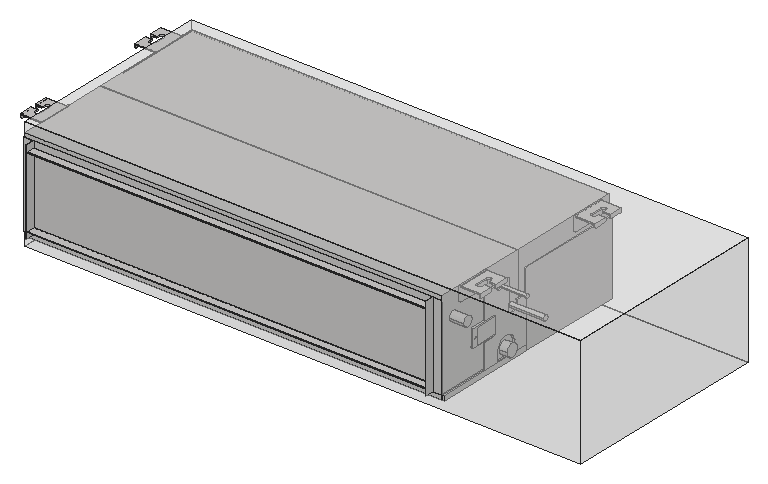
Revit family "outputfile", category 機械設備, Revit 2024
Family settings
  丸型コネクタ寸法 = 半径を使用
  パーツ タイプ = 標準
  OmniClass 番号 = 23.75.10.24.21.27.27
  OmniClass タイトル = Split System Air Conditioning Units
  作業面ベース = いいえ
  常に垂直 = はい
  ロード時にボイドで切り取り = いいえ
  注釈の向きを維持 = いいえ
  共有 = いいえ
  部屋計算ポイント = はい
Parameters (values of type "FDYBA35AV1")
  Description = ""
  書き出し IFC クラス(タイプ) = "IfcUnitaryEquipmentType"
  定義済み IFC タイプ(タイプ) = "AIRCONDITIONINGUNIT"
  Cost = 0
  Type Comments = ""
  Keynote = ""
  Type Image = (empty or 0)
  Assembly Code = ""
  switch_frequency = yes
  lw_socket for drain = 19.0 mm
  lw_liquidpipe = 64.0 mm
  lw_gaspipe = 76.0 mm
  lw_drainpipe = 33.0 mm
  lh_socket for drain = 170.0 mm
  ld_socket for drain = 165.0 mm
  製造元 = "Daikin"
  モデル = "FDYBA35AV1"
  r_Liquid Pipe Size = Liquid Pipe Size / 2  # 3.2 mm
  r_Gas Pipe Size = Gas Pipe Size / 2  # 4.75 mm
  r_Drain Pipe Size = Drain Pipe Size / 2  # 10.0 mm
  lw_powersuply = 65.0 mm  # constant formula
  lh_suctionflange [instance] = [h***] + 100.5 mm  # 100.5 mm
  lh_mounting = lh_mountinghole + [h***]  # 200.0 mm
  ld_suctionflange [instance] = if(and(Rear Connection_Return Air, Width = 700.0 mm), 94.5 mm, if(and(Rear Connection_Return Air, Width = 900.0 mm), 94.0 mm, if(and(Rear Connection_Return Air, Width = 1100.0 mm), 94.0 mm, 100.5 mm)))  # 94.0 mm
  ld_powersuply = 410.0 mm  # constant formula
  ld_mountinghole_Back = 165.0 mm
  ld_mountinghole_Front = 144.0 mm
  ld_RA_below = if(Width = 700.0 mm, 189.0 mm, 188.0 mm)  # 188.0 mm
  ld_RA = if(Width = 700.0 mm, 94.5 mm, 94.0 mm)  # 94.0 mm
  connector_voltage = Voltage_50Hz  # 230 V
  connector_powerinput = if([Power Input (Cooling)] > [Power Input (Heating)], [Power Input (Cooling)], [Power Input (Heating)])  # 0.000 kW
  connector_phase = Phase_50Hz  # 1
  angle_vertical_RA [instance] = if(Rear Connection_Return Air, 90.00°, 0.00°)  # 90.00°
  angle horizontal_RA [instance] = if(Rear Connection_Return Air, 180.00°, 270.00°)  # 180.00°
  Voltage_comment_50Hz = "220 - 240"
  Voltage_50Hz = 230 V
  URL = ""
  Supply Air Direction [instance] = yes
  Sound Power Level_H speed (dB) = 0
  Rear Connection_Return Air [instance] = not(Bottom Connection_Return Air)  # yes
  Phase_50Hz = 1
  Minimum External Static Pressure = 10.00 Pa
  Minimum Circuit Amps_50Hz = 0.0 A
  Maximum Fuse Amps_50Hz = 0.0 A
  Maximum External Static Pressure = 50.00 Pa
  Material_Casing = DAIKIN_GalvanizedSteel_Casing_indoorunit
  ld_liquidpipe = 150.0 mm
  ld_gaspipe = 184.0 mm  # constant formula
  lw_mountinghole = Width + 52.0 mm  # 952.0 mm
  ld_drainpipe = 28.0 mm  # constant formula
  lh_liquidpipe = 43.0 mm
  lh_gaspipe = 96.0 mm
  lh_mountinghole = 200.0 mm  # constant formula
  lh_drainpipe = 49.0 mm
  h_antenna = Height - lh_mountinghole + 1.0 mm  # 1.0 mm
  h*** = 0.0 mm  # constant formula
  Width = 900.0 mm
  Version = "ver.1.0"
  Unit Type = "DAS Duct (Demand Response)"
  Unit Mass Weight = 21.00 kg
  Unit Designation [instance] = ""
  Uniclass2015Version = "Products v1.30"
  Uniclass2015Title = "Split coil room air conditioning units"
  Uniclass2015Code = "Pr_70_65_03_86"
  Total Heating Capacity [instance] = 0.000 kW
  Total Cooling Capacity [instance] = 0.000 kW
  Sound Pressure Level_M speed (dBA) = 0
  Sound Pressure Level_L speed (dBA) = 26.2
  Sound Pressure Level_H speed (dBA) = 43.1
  Series = "SkyAir_Fan Coil Unit"
  Sensible Cooling Capacity [instance] = 0.000 kW
  SA Duct Size Width = 860.0 mm
  SA Duct Size Height = 153.0 mm
  Refrigerant Type = "R32"
  RA Duct Size Width = 775.0 mm
  RA Duct Size Height = 163.0 mm
  Power Input (Heating) = 0.000 kW
  Power Input (Cooling) = 0.000 kW
  Option Accessory 3 [instance] = ""
  Option Accessory 2 [instance] = ""
  Option Accessory 1 [instance] = ""
  Nominal Heating Capacity = 4.000 kW
  Nominal Cooling Capacity = 3.390 kW
  Minimum Airflow = 342.00 m³/h
  Median Airflow = 546.00 m³/h
  Maximum Airflow = 702.00 m³/h
  Load Classification = HVAC
  Liquid Pipe Size = 6.4 mm
  Link_Nested Family [instance] = ""
  IfcVersion = ""
  IfcExportType = "AIRCONDITIONINGUNIT"
  IfcExportAs = "IfcUnitaryEquipmentType"
  Height = 200.0 mm
  Heating Entering Wet Bulb Temperature [instance] = 0.00 °C
  Heating Entering Dry Bulb Temperature [instance] = 0.00 °C
  Heating Ambient Wet Bulb Temperature [instance] = 0.00 °C
  Heating Ambient Dry Bulb Temperature [instance] = 0.00 °C
  Heat Exchanger Type = "Cross Fin Coil"
  Gas Pipe Size = 9.5 mm
  Frequency_50Hz = 50 Hz
  Fan Type = "Sirocco Fan"
  Fan Drive = "Direct Drive"
  FCU Tag No. [instance] = ""
  Drain Pipe Size = 20.0 mm
  Design Supply Airflow [instance] = 0.00 m³/h
  Design Return Airflow [instance] = 0.00 m³/h
  Design External Static Pressure [instance] = 0.00 Pa
  Depth = 450.0 mm
  既定の高さ = 0.0 mm
  Cooling Entering Wet Bulb Temperature [instance] = 0.00 °C
  Cooling Entering Dry Bulb Temperature [instance] = 0.00 °C
  Cooling Ambient Wet Bulb Temperature [instance] = 0.00 °C
  Cooling Ambient Dry Bulb Temperature [instance] = 0.00 °C
  Clearance visibility [instance] = yes
  Clearance Top = 20.0 mm
  Clearance Right = 300.0 mm
  Clearance Rear = 0.0 mm
  Clearance Left = 0.0 mm
  Clearance Front = 0.0 mm
  Clearance Bottom = 20.0 mm
  Bottom Connection_Return Air [instance] = no
Reference planes
  plane 1 "Center (Front/Back)": y = 0
  plane 2 "Bottom": z = -200
  plane 3 "Center (Left/Right)": x = 0
  plane 4 "Back": y = 225
  plane 5 "Front": y = -225
  plane 6 "Left": x = -450
  plane 7 "Right": x = 450
  plane 8 "Top": z = 0
  plane 9 "BB": y = -20
  plane 10 "condensate water pan": z = -190
  plane 11 "Below": z = -200
  plane 12 "Other components Right": x = 455
  plane 13 "Other components Left": x = 445
  plane 14 "lh_drainpipe": z = -49
  plane 15 "ld_drainpipe": y = -197
  plane 16 "drainpipe": x = 483
  plane 17 "lh_liquidpipe": z = -43
  plane 18 "ld_liquidpipe": y = -75
  plane 19 "ld_gaspipe": y = -41
  plane 20 "lh_gaspipe": z = -96
  plane 21: x = 514
  plane 22: x = 526
  plane 23: x = 469
  plane 24 "w_mountinghole_Left": x = -476
  plane 25 "w_mountinghole_Right": x = 476
  plane 26 "d_mountinghole_Back": y = 165
  plane 27 "d_mountinghole_Front": y = -144
  plane 28 "h_mountinghole": z = 0
  plane 29 "lw_powersuply": x = 385
  plane 30 "ld_powersuply": y = 185
  plane 31 "Clearance Left": x = -450
  plane 32 "Clearance Right": x = 750
  plane 33 "Clearance Rear": y = 225
  plane 34 "Clearance Front": y = -225
  plane 35 "Clearance Bottom": z = -220
  plane 36 "Clearance Top": z = 20
  plane 37 "RA": y = 224
  plane 38: z = -199
  plane 39 "RA_d": y = 131
  plane 40 "RA_w": x = -51.5
  plane 41 "RA_h": z = -99.5
  plane 42 "SA_h": z = -99
  plane 43 "RA_dd": y = 37
  plane 44: y = -60
  plane 45: z = -170
Forms (mm)
  Extrusion 1, solid, material "DAIKIN_GalvanizedSteel_Casing_indoorunit" <- "Material_Casing"
    sketch origin (0, 0, 100) x (0, 1, 0) y (0, 0, 1)
      loop
        line (-20, -100) -> (-20, -300) -> (225, -300) -> (225, -100) -> (-20, -100)
    from -450 to 450
  Extrusion 2, solid, material "DAIKIN_GalvanizedSteel_Casing_indoorunit" <- "Material_Casing"
    sketch origin (0, 0, 100) x (0, 1, 0) y (0, 0, 1)
      loop
        line (-225, -100) -> (-225, -290) -> (-20, -290) -> (-20, -100) -> (-225, -100)
    from -450 to 450
  Extrusion 3, solid, material "DAIKIN_GalvanizedSteel_Casing_indoorunit" <- "Material_Casing"
    sketch origin (0, 0, 100) x (0, 1, 0) y (0, 0, 1)
      loop
        line (-225, -290) -> (-225, -300) -> (-20, -300) -> (-20, -290) -> (-225, -290)
    from -450 to 450
  Extrusion 4, solid, material "DAIKIN_GalvanizedSteel_Casing_indoorunit" <- "Material_Casing"
    sketch origin (0, 0, 0) x (0, 1, 0) y (0, 0, 1)
      loop
        arc (-2, -40) -> (-4.121, -40.879) -> (-5, -43) r 3
        line (-5, -43) -> (-5, -197)
        arc (-5, -197) -> (-4.121, -199.121) -> (-2, -200) r 3
        line (-2, -200) -> (225, -200) -> (225, -40) -> (-2, -40)
    from 450 to 455
  Extrusion 5, solid, material "DAIKIN_GalvanizedSteel_Casing_indoorunit" <- "Material_Casing"
    sketch origin (620, 0, 0) x (0, 1, 0) y (0, 0, 1)
      loop
        line (-225, -190) -> (-225, -200) -> (-5, -200) -> (-5, -193)
        arc (-5, -193) -> (-5.879, -190.879) -> (-8, -190) r 3
        line (-8, -190) -> (-225, -190)
    from -170 to -165
  Extrusion 6, void
    sketch origin (0, 0, 0) x (0, 1, 0) y (0, 0, 1)
      loop
        arc (-145.64, -94.17) -> (-147.761, -95.049) -> (-148.64, -97.17) r 3
        line (-148.64, -97.17) -> (-148.64, -131.17)
        arc (-148.64, -131.17) -> (-147.761, -133.291) -> (-145.64, -134.17) r 3
        line (-145.64, -134.17) -> (-91.78, -134.17)
        arc (-91.78, -134.17) -> (-89.659, -133.291) -> (-88.78, -131.17) r 3
        line (-88.78, -131.17) -> (-88.78, -97.17)
        arc (-88.78, -97.17) -> (-89.659, -95.049) -> (-91.78, -94.17) r 3
        line (-91.78, -94.17) -> (-145.64, -94.17)
    from 445 to 455
  Extrusion 7, solid, material "DAIKIN_GalvanizedSteel_Casing_indoorunit" <- "Material_Casing"
    sketch origin (0, 0, 0) x (0, 1, 0) y (0, 0, 1)
      loop
        line (-91.78, -95.17) -> (-145.64, -95.17)
        arc (-145.64, -95.17) -> (-147.054, -95.756) -> (-147.64, -97.17) r 2
        line (-147.64, -97.17) -> (-147.64, -131.17)
        arc (-147.64, -131.17) -> (-147.054, -132.584) -> (-145.64, -133.17) r 2
        line (-145.64, -133.17) -> (-91.78, -133.17)
        arc (-91.78, -133.17) -> (-90.366, -132.584) -> (-89.78, -131.17) r 2
        line (-89.78, -131.17) -> (-89.78, -97.17)
        arc (-89.78, -97.17) -> (-90.366, -95.756) -> (-91.78, -95.17) r 2
    from 445 to 455
  Extrusion 8, solid, material "DAIKIN_GalvanizedSteel_Casing_indoorunit" <- "Material_Casing"
    sketch origin (0, 0, 0) x (0, 1, 0) y (0, 0, 1)
      loop
        line (-89.78, -97.67) -> (-136.14, -97.67) -> (-136.14, -130.67) -> (-89.78, -130.67) -> (-89.78, -97.67)
      loop
        circle (-142.64, -114.17) r 1.5
    from 450 to 455
  Extrusion 9, solid, material "DAIKIN_GalvanizedSteel_Casing_indoorunit" <- "Material_Casing"
    sketch origin (0, 0, 0) x (0, 1, 0) y (0, 0, 1)
      loop
        circle (-197, -49) r 10
    from 450 to 483
  Extrusion 10, solid, material "DAIKIN_GalvanizedSteel_Casing_indoorunit" <- "Material_Casing"
    sketch origin (0, 0, 0) x (0, 1, 0) y (0, 0, 1)
      loop
        circle (-75, -43) r 3.2
    from 450 to 514
  Extrusion 11, solid, material "DAIKIN_GalvanizedSteel_Casing_indoorunit" <- "Material_Casing"
    sketch origin (0, 0, 0) x (0, 1, 0) y (0, 0, 1)
      loop
        circle (-41, -96) r 4.75
    from 450 to 526
  Extrusion 12, solid, material "DAIKIN_GalvanizedSteel_Casing_indoorunit" <- "Material_Casing"
    sketch origin (0, 0, 0) x (0, 1, 0) y (0, 0, 1)
      loop
        circle (-60, -170) r 13
    from 450 to 469
  Extrusion 13, void
    sketch origin (0, 0, 0) x (1, 0, 0) y (0, 0, 1)
      loop
        line (346, -1) -> (-449, -1) -> (-449, -200) -> (346, -200) -> (346, -1)
    from -225 to -37
  Extrusion 14, solid, material "DAIKIN_GalvanizedSteel_Casing_indoorunit" <- "Material_Casing", visible <- "Bottom Connection_Return Air"
    sketch origin (0, 0, 0) x (1, 0, 0) y (0, 0, 1)
      loop
        line (346, -1) -> (-449, -1) -> (-449, -200) -> (346, -200) -> (346, -1)
    from -225 to -224
  Extrusion 15, solid, material "DAIKIN_GalvanizedSteel_Casing_indoorunit" <- "Material_Casing", visible <- "Rear Connection_Return Air"
    sketch origin (0, 0, 0) x (1, 0, 0) y (0, 1, 0)
      loop
        line (-449, 37) -> (346, 37) -> (346, 225) -> (-449, 225) -> (-449, 37)
    from -200 to -199
  Extrusion 16, solid, material "DAIKIN_GalvanizedSteel_Casing_indoorunit" <- "Material_Casing"
    sketch origin (450, 0, 0) x (0, 1, 0) y (0, 0, 1)
      loop
        line (-115, -39) -> (-115, -94.17) -> (-90.78, -94.17)
        arc (-90.78, -94.17) -> (-88.659, -95.049) -> (-87.78, -97.17) r 3
        line (-87.78, -97.17) -> (-87.78, -133.17)
        arc (-87.78, -133.17) -> (-88.659, -135.291) -> (-90.78, -136.17) r 3
        line (-90.78, -136.17) -> (-116, -136.17) -> (-116, -190) -> (-84, -190) -> (-84, -170)
        arc (-84, -170) -> (-60, -146) -> (-36, -170) r 24
        line (-36, -170) -> (-36, -190) -> (-5, -190) -> (-5, -91) -> (-27.696, -91)
        arc (-27.696, -91) -> (-43.308, -110.024) -> (-52, -87) r 14.213
        line (-52, -87) -> (-52, -39) -> (-65.835, -39)
        arc (-65.835, -39) -> (-75, -53) -> (-84.165, -39) r 10
        line (-84.165, -39) -> (-115, -39)
    from 0 to 5
Cuts and joins
  Extrusion 6 cuts Extrusion 2
  Extrusion 13 cuts Extrusion 1
Dimensions and locks
  equal spacing: plane 4 "Back", plane 1 "Center (Front/Back)", plane 5 "Front"
  "Depth": plane 4 "Back" to plane 5 "Front"
  equal spacing: plane 6 "Left", plane 3 "Center (Left/Right)", plane 7 "Right"
  "Width": plane 6 "Left" to plane 7 "Right"
  locked: plane 1 "Center (Front/Back)" to plane 9 "BB" at 20
  "h***": plane 11 "Below" to plane 2 "Bottom"
  locked: plane 10 "condensate water pan" to plane 11 "Below" at 10
  "Height": plane 8 "Top" to plane 11 "Below"
  locked: Extrusion 4 sketch curve to plane 4 "Back" at 230
  locked: Extrusion 4 sketch curve to plane 11 "Below" at 160
  locked: plane 7 "Right" to plane 12 "Other components Right" at 5
  locked: plane 13 "Other components Left" to plane 7 "Right" at 5
  "ld_drainpipe": plane 15 "ld_drainpipe" to plane 5 "Front"
  "lw_drainpipe": plane 7 "Right" to plane 16 "drainpipe"
  "ld_liquidpipe": plane 18 "ld_liquidpipe" to plane 5 "Front"
  "ld_gaspipe": plane 19 "ld_gaspipe" to plane 5 "Front"
  "lw_liquidpipe": plane 7 "Right" to plane 21
  "lw_gaspipe": plane 7 "Right" to plane 22
  "lw_socket for drain": plane 7 "Right" to plane 23
  equal spacing: plane 24 "w_mountinghole_Left", plane 3 "Center (Left/Right)", plane 25 "w_mountinghole_Right"
  "lw_mountinghole": plane 24 "w_mountinghole_Left" to plane 25 "w_mountinghole_Right"
  plane 26 "d_mountinghole_Back" to plane 27 "d_mountinghole_Front" = 309.0 mm
  "lh_mountinghole": plane 28 "h_mountinghole" to plane 11 "Below"
  "lw_powersuply": plane 29 "lw_powersuply" to plane 7 "Right"
  "ld_powersuply": plane 5 "Front" to plane 30 "ld_powersuply"
  "Clearance Rear": plane 33 "Clearance Rear" to plane 4 "Back"
  "Clearance Front": plane 5 "Front" to plane 34 "Clearance Front"
  "Clearance Bottom": plane 11 "Below" to plane 35 "Clearance Bottom"
  "Clearance Top": plane 36 "Clearance Top" to plane 8 "Top"
  "Clearance Left": plane 31 "Clearance Left" to plane 6 "Left"
  "Clearance Right": plane 7 "Right" to plane 32 "Clearance Right"
  locked: cut or joined group of Extrusion 1, Extrusion 13 to plane 6 "Left" at 1
  locked: plane 7 "Right" to cut or joined group of Extrusion 1, Extrusion 13 at 104
  locked: plane 4 "Back" to plane 37 "RA" at 1
  locked: plane 6 "Left" to Extrusion 15 sketch curve at 1
  locked: Extrusion 15 sketch curve to plane 7 "Right" at 104
  locked: plane 38 to plane 11 "Below" at 1
  locked: plane 40 "RA_w" to plane 3 "Center (Left/Right)" at 51.5
  "ld_RA": plane 39 "RA_d" to plane 4 "Back"
  locked: plane 11 "Below" to plane 41 "RA_h" at 100.5
  locked: plane 11 "Below" to plane 42 "SA_h" at 101
  "ld_mountinghole_Back": plane 26 "d_mountinghole_Back" to plane 1 "Center (Front/Back)"
  "ld_mountinghole_Front": plane 27 "d_mountinghole_Front" to plane 1 "Center (Front/Back)"
  "ld_RA_below": plane 4 "Back" to plane 43 "RA_dd"
  plane 27 "d_mountinghole_Front" to plane 5 "Front" = 81.0 mm
  "lh_drainpipe": plane 8 "Top" to plane 14 "lh_drainpipe"
  "lh_liquidpipe": plane 8 "Top" to plane 17 "lh_liquidpipe"
  "lh_gaspipe": plane 8 "Top" to plane 20 "lh_gaspipe"
  "ld_socket for drain": plane 44 to plane 5 "Front"
  "lh_socket for drain": plane 8 "Top" to plane 45
  locked: Extrusion 16 sketch curve to Extrusion 16 sketch curve at 111
  locked: Extrusion 16 sketch curve to Extrusion 16 sketch curve at 151
  "r_Liquid Pipe Size": radius of Extrusion 10 sketch curve
  "r_Gas Pipe Size": radius of Extrusion 11 sketch curve
  "r_Drain Pipe Size": radius of Extrusion 9 sketch curve
  aligned and locked: Extrusion 1 sketch curve to plane 8 "Top"
  aligned and locked: plane 9 "BB" to Extrusion 1 sketch curve
  aligned and locked: Extrusion 1 sketch curve to plane 4 "Back"
  aligned and locked: Extrusion 2 sketch curve to plane 9 "BB"
  aligned and locked: Extrusion 2 sketch curve to plane 8 "Top"
  aligned and locked: plane 5 "Front" to Extrusion 2 sketch curve
  aligned and locked: Extrusion 1 to plane 6 "Left"
  aligned and locked: plane 7 "Right" to Extrusion 1
  aligned and locked: Extrusion 2 to plane 6 "Left"
  aligned and locked: plane 7 "Right" to Extrusion 2
  aligned and locked: plane 10 "condensate water pan" to Extrusion 2 sketch curve
  aligned and locked: Extrusion 3 sketch curve to plane 10 "condensate water pan"
  aligned and locked: plane 5 "Front" to Extrusion 3 sketch curve
  aligned and locked: Extrusion 3 sketch curve to plane 9 "BB"
  aligned and locked: Extrusion 3 to plane 6 "Left"
  aligned and locked: plane 7 "Right" to Extrusion 3
  aligned and locked: plane 11 "Below" to Extrusion 3
  aligned and locked: Extrusion 1 to plane 11 "Below"
  aligned and locked: plane 11 "Below" to Extrusion 4 sketch curve
  aligned and locked: Extrusion 4 sketch curve to plane 4 "Back"
  aligned and locked: Extrusion 4 to plane 7 "Right"
  aligned and locked: plane 12 "Other components Right" to Extrusion 4
  aligned and locked: Extrusion 5 sketch curve to plane 10 "condensate water pan"
  aligned and locked: plane 5 "Front" to Extrusion 5 sketch curve
  aligned and locked: plane 11 "Below" to Extrusion 5 sketch curve
  aligned and locked: Extrusion 5 to plane 7 "Right"
  aligned and locked: plane 12 "Other components Right" to Extrusion 5
  aligned and locked: Extrusion 6 to plane 13 "Other components Left"
  aligned and locked: plane 12 "Other components Right" to Extrusion 6
  aligned and locked: Extrusion 8 to plane 7 "Right"
  aligned and locked: Extrusion 7 to plane 13 "Other components Left"
  aligned and locked: plane 16 "drainpipe" to Extrusion 9
  aligned and locked: Extrusion 9 to plane 7 "Right"
  aligned and locked: plane 12 "Other components Right" to Extrusion 7
  aligned and locked: plane 12 "Other components Right" to Extrusion 8
  aligned and locked: Extrusion 10 to plane 7 "Right"
  aligned and locked: plane 21 to Extrusion 10
  aligned and locked: plane 19 "ld_gaspipe" to Extrusion 11 sketch curve
  aligned and locked: plane 20 "lh_gaspipe" to Extrusion 11 sketch curve
  aligned and locked: plane 18 "ld_liquidpipe" to Extrusion 10 sketch curve
  aligned and locked: plane 17 "lh_liquidpipe" to Extrusion 10 sketch curve
  aligned and locked: plane 14 "lh_drainpipe" to Extrusion 9 sketch curve
  aligned and locked: plane 15 "ld_drainpipe" to Extrusion 9 sketch curve
  aligned and locked: Extrusion 11 to plane 7 "Right"
  aligned and locked: plane 22 to Extrusion 11
  aligned and locked: Extrusion 12 to plane 7 "Right"
  aligned and locked: plane 23 to Extrusion 12
  aligned and locked: plane 25 "w_mountinghole_Right" to nested 2
  aligned and locked: nested 2 to plane 26 "d_mountinghole_Back"
  aligned and locked: plane 28 "h_mountinghole" to nested 2
  aligned and locked: plane 27 "d_mountinghole_Front" to nested 3
  aligned and locked: plane 25 "w_mountinghole_Right" to nested 3
  aligned and locked: plane 24 "w_mountinghole_Left" to nested 4
  aligned and locked: plane 26 "d_mountinghole_Back" to nested 4
  aligned and locked: plane 24 "w_mountinghole_Left" to nested 5
  aligned and locked: nested 5 to plane 27 "d_mountinghole_Front"
  aligned and locked: plane 28 "h_mountinghole" to nested 4
  aligned and locked: plane 28 "h_mountinghole" to nested 5
  aligned and locked: plane 28 "h_mountinghole" to nested 3
  aligned and locked: plane 24 "w_mountinghole_Left" to nested 1
  aligned and locked: nested 1 to plane 26 "d_mountinghole_Back"
  aligned and locked: plane 27 "d_mountinghole_Front" to nested 6
  aligned and locked: plane 24 "w_mountinghole_Left" to nested 6
  aligned and locked: nested 7 to plane 25 "w_mountinghole_Right"
  aligned and locked: nested 7 to plane 26 "d_mountinghole_Back"
  aligned and locked: plane 27 "d_mountinghole_Front" to nested 8
  aligned and locked: nested 8 to plane 25 "w_mountinghole_Right"
  aligned and locked: plane 15 "ld_drainpipe" to nested 9
  aligned and locked: plane 7 "Right" to nested 9
  aligned and locked: plane 14 "lh_drainpipe" to nested 9
  aligned and locked: plane 7 "Right" to nested 11
  aligned and locked: plane 7 "Right" to nested 10
  aligned and locked: plane 18 "ld_liquidpipe" to nested 10
  aligned and locked: plane 19 "ld_gaspipe" to nested 11
  aligned and locked: nested 10 to plane 17 "lh_liquidpipe"
  aligned and locked: nested 11 to plane 20 "lh_gaspipe"
  aligned and locked: plane 31 "Clearance Left" to nested 12
  aligned and locked: nested 12 to plane 33 "Clearance Rear"
  aligned and locked: plane 34 "Clearance Front" to nested 12
  aligned and locked: nested 12 to plane 32 "Clearance Right"
  aligned and locked: plane 36 "Clearance Top" to nested 12
  aligned and locked: plane 35 "Clearance Bottom" to nested 12
  aligned and locked: nested 13 to plane 29 "lw_powersuply"
  aligned and locked: plane 30 "ld_powersuply" to nested 13
  aligned and locked: nested 13 to plane 20 "lh_gaspipe"
  aligned and locked: plane 3 "Center (Left/Right)" to nested 14
  aligned and locked: plane 1 "Center (Front/Back)" to nested 14
  aligned and locked: plane 1 "Center (Front/Back)" to nested 15
  aligned and locked: nested 15 to plane 11 "Below"
  aligned and locked: plane 3 "Center (Left/Right)" to nested 16
  aligned and locked: plane 3 "Center (Left/Right)" to nested 17
  aligned and locked: plane 8 "Top" to nested 16
  aligned and locked: plane 4 "Back" to Extrusion 13
  aligned and locked: plane 4 "Back" to Extrusion 14
  aligned and locked: Extrusion 14 to plane 37 "RA"
  aligned and locked: Extrusion 15 to plane 11 "Below"
  aligned and locked: plane 38 to Extrusion 15
  aligned and locked: plane 39 "RA_d" to nested 18
  aligned and locked: plane 1 "Center (Front/Back)" to nested 19
  aligned and locked: plane 3 "Center (Left/Right)" to nested 19
  aligned and locked: plane 42 "SA_h" to nested 19
  aligned and locked: nested 16 to plane 37 "RA"
  aligned and locked: nested 16 to plane 4 "Back"
  aligned and locked: nested 17 to plane 38
  aligned and locked: nested 17 to plane 37 "RA"
  aligned and locked: Extrusion 13 to plane 43 "RA_dd"
  aligned and locked: Extrusion 15 sketch curve to plane 43 "RA_dd"
  aligned and locked: level to plane 8 "Top"
  aligned and locked: plane 45 to Extrusion 12 sketch curve
  aligned and locked: plane 44 to Extrusion 12 sketch curve
  aligned and locked: Extrusion 4 to Extrusion 16 sketch curve
Automatic sketch dimensions
  Extrusion 1 sketch curve to plane 10 "condensate water pan" = 10.0 mm
  Extrusion 3 sketch curve to plane 10 "condensate water pan" = 10.0 mm
  Extrusion 4 sketch curve to plane 10 "condensate water pan" = 7.0 mm
  plane 1 "Center (Front/Back)" to Extrusion 4 sketch curve = 2.0 mm
  plane 1 "Center (Front/Back)" to Extrusion 5 sketch curve = 5.0 mm
  Extrusion 5 sketch curve to plane 10 "condensate water pan" = 3.0 mm
  plane 5 "Front" to Extrusion 6 sketch curve = 76.36 mm
  Extrusion 6 sketch curve to Extrusion 6 sketch curve = 3.0 mm  (x3)
  Extrusion 6 sketch curve to Extrusion 6 sketch curve = 53.86 mm
  Extrusion 6 sketch curve to Extrusion 6 sketch curve = 0.0 mm
  plane 10 "condensate water pan" to Extrusion 6 sketch curve = 55.83 mm
  Extrusion 6 sketch curve to Extrusion 6 sketch curve = 34.0 mm
  plane 5 "Front" to Extrusion 7 sketch curve = 79.36 mm
  Extrusion 7 sketch curve to Extrusion 7 sketch curve = 2.0 mm  (x3)
  Extrusion 7 sketch curve to Extrusion 7 sketch curve = 53.86 mm
  Extrusion 7 sketch curve to Extrusion 7 sketch curve = 0.0 mm
  plane 10 "condensate water pan" to Extrusion 7 sketch curve = 56.83 mm
  Extrusion 7 sketch curve to Extrusion 7 sketch curve = 34.0 mm
  plane 5 "Front" to Extrusion 8 sketch curve = 82.36 mm
  Extrusion 8 sketch curve to Extrusion 8 sketch curve = 6.5 mm
  Extrusion 8 sketch curve to Extrusion 8 sketch curve = 46.36 mm
  plane 10 "condensate water pan" to Extrusion 8 sketch curve = 59.33 mm
  Extrusion 8 sketch curve to Extrusion 8 sketch curve = 16.5 mm  (x2)
  plane 6 "Left" to Extrusion 13 sketch curve = 1.0 mm
  plane 35 "Clearance Bottom" to Extrusion 13 sketch curve = 20.0 mm
  plane 29 "lw_powersuply" to Extrusion 13 sketch curve = 39.0 mm
  Extrusion 13 sketch curve to plane 8 "Top" = 1.0 mm
  plane 6 "Left" to Extrusion 14 sketch curve = 1.0 mm
  Extrusion 14 sketch curve to plane 11 "Below" = 0.0 mm
  plane 29 "lw_powersuply" to Extrusion 14 sketch curve = 39.0 mm
  Extrusion 14 sketch curve to plane 8 "Top" = 1.0 mm
  Extrusion 15 sketch curve to plane 4 "Back" = 0.0 mm
  Extrusion 16 sketch curve to plane 10 "condensate water pan" = 0.0 mm  (x2)
  Extrusion 16 sketch curve to plane 17 "lh_liquidpipe" = 0.0 mm
  Extrusion 16 sketch curve to plane 18 "ld_liquidpipe" = 0.0 mm
  Extrusion 16 sketch curve to plane 44 = 0.0 mm
  Extrusion 16 sketch curve to plane 19 "ld_gaspipe" = 0.0 mm
  Extrusion 16 sketch curve to plane 45 = 0.0 mm
  Extrusion 16 sketch curve to plane 20 "lh_gaspipe" = 0.0 mm
  Extrusion 16 sketch curve to plane 18 "ld_liquidpipe" = 9.165 mm
  Extrusion 16 sketch curve to plane 20 "lh_gaspipe" = 1.17 mm
  Extrusion 16 sketch curve to plane 18 "ld_liquidpipe" = 12.78 mm
  Extrusion 16 sketch curve to Extrusion 16 sketch curve = 3.0 mm
  plane 20 "lh_gaspipe" to Extrusion 16 sketch curve = 1.83 mm
  Extrusion 16 sketch curve to Extrusion 16 sketch curve = 24.22 mm
  plane 17 "lh_liquidpipe" to Extrusion 16 sketch curve = 4.0 mm
  plane 44 to Extrusion 16 sketch curve = 8.0 mm
  plane 45 to Extrusion 16 sketch curve = 33.83 mm
  plane 20 "lh_gaspipe" to Extrusion 16 sketch curve = 5.0 mm
  plane 20 "lh_gaspipe" to Extrusion 16 sketch curve = 9.0 mm
  plane 19 "ld_gaspipe" to Extrusion 16 sketch curve = 5.0 mm
  Extrusion 16 sketch curve to Extrusion 16 sketch curve = 0.0 mm
  radius of Extrusion 8 sketch curve = 1.5 mm
  radius of Extrusion 12 sketch curve = 13.0 mm
Nested families
  nested 1: "daikin_mountinghole" at (-476, 165, -200), h_mountinghole <- "lh_mounting", l_antenna <- "h_antenna", Link_Nested Family <- "Link_Nested Family", type "daikin_mountinghole"
    with show yes, l_antenna 1.0 mm, h_mountinghole 200.0 mm, Link_Nested Family ""
  nested 2: "daikin_hangerfixture_FDYBA-AV1" at (450, 165, 0), type "daikin_hangerfixture_FDYBA-AV1"
  nested 3: "daikin_hangerfixture_FDYBA-AV1" at (450, -144, 0), type "daikin_hangerfixture_FDYBA-AV1"
  nested 4: "daikin_hangerfixture_FDYBA-AV1" at (-450, 165, 0) x (-1, 0, 0) z (0, 0, 1), type "daikin_hangerfixture_FDYBA-AV1"
  nested 5: "daikin_hangerfixture_FDYBA-AV1" at (-450, -144, 0) x (-1, 0, 0) z (0, 0, 1), type "daikin_hangerfixture_FDYBA-AV1"
  nested 6: "daikin_mountinghole" at (-476, -144, -200), h_mountinghole <- "lh_mounting", l_antenna <- "h_antenna", Link_Nested Family <- "Link_Nested Family", type "daikin_mountinghole"
    with show yes, l_antenna 1.0 mm, h_mountinghole 200.0 mm, Link_Nested Family ""
  nested 7: "daikin_mountinghole" at (476, 165, -200), h_mountinghole <- "lh_mounting", l_antenna <- "h_antenna", Link_Nested Family <- "Link_Nested Family", type "daikin_mountinghole"
    with show yes, l_antenna 1.0 mm, h_mountinghole 200.0 mm, Link_Nested Family ""
  nested 8: "daikin_mountinghole" at (476, -144, -200), h_mountinghole <- "lh_mounting", l_antenna <- "h_antenna", Link_Nested Family <- "Link_Nested Family", type "daikin_mountinghole"
    with show yes, l_antenna 1.0 mm, h_mountinghole 200.0 mm, Link_Nested Family ""
  nested 9: "daikin_connector_rotate2" at (450, -197, -49) x (0, 1, 0) z (0, 0, 1), radius <- "r_Drain Pipe Size", type "daikin_connector_rotate2"
    with radius 10.0 mm, length 33.0 mm, angle_vertical 90.00°, show_face no
  nested 10: "daikin_connector_rotate2" at (450, -75, -43) x (0, 1, 0) z (0, 0, 1), radius <- "r_Liquid Pipe Size", type "daikin_connector_rotate2"
    with radius 3.2 mm, length 64.0 mm, angle_vertical 90.00°, show_face no
  nested 11: "daikin_connector_rotate2" at (450, -41, -96) x (0, 1, 0) z (0, 0, 1), radius <- "r_Gas Pipe Size", type "daikin_connector_rotate2"
    with radius 4.75 mm, length 76.0 mm, angle_vertical 90.00°, show_face no
  nested 12: "daikin_clearancespace" at (150, 0, -99.881), visible <- "Clearance visibility", show <- "Clearance visibility", Link_Nested Family <- "Link_Nested Family", type "daikin_clearancespace"
    with width 1200.0 mm, show yes, height 240.0 mm, depth 450.0 mm, Link_Nested Family ""
  nested 13: "daikin_connector_rotate2" at (385, 185, -96) x (1, 0, 0) z (0, -1, 0), type "daikin_connector_rotate2"
    with radius 10.0 mm, length 104.0 mm, angle_vertical 90.00°, show_face no
  nested 14: "daikin_△_symbolicline" at (0, 0, 200), visible <- "Supply Air Direction", built-in parameter 1001360 <- "Height", type "daikin_△_symbolicline"
    with length 200.0 mm
  nested 15: "daikin_ductflange_FDYBA-AV1_1" at (0, 0, -364.701), width <- "SA Duct Size Width", height <- "SA Duct Size Height", material <- "Material_Casing", type "daikin_ductflange_FDYBA-AV1_1"
    with width 860.0 mm, material DAIKIN_GalvanizedSteel_Casing_indoorunit, height 153.0 mm, depth 20.0 mm
  nested 16: "daikin_ductflange_FDYBA-AV1_2" at (0, 225, -99.5), visible <- "Rear Connection_Return Air", height <- "RA Duct Size Height", width <- "RA Duct Size Width", material <- "Material_Casing", type "daikin_ductflange_FDYBA-AV1_2"
    with width 775.0 mm, material DAIKIN_GalvanizedSteel_Casing_indoorunit, height 163.0 mm, depth 1.0 mm
  nested 17: "daikin_ductflange_FDYBA-AV1_2" at (0, 125.5, -200) x (1, 0, 0) z (0, 1, 0), visible <- "Bottom Connection_Return Air", width <- "RA Duct Size Width", height <- "RA Duct Size Height", type "daikin_ductflange_FDYBA-AV1_2"
    with width 775.0 mm, material DAIKIN_GalvanizedSteel_Casing_indoorunit, height 163.0 mm, depth 1.0 mm
  nested 18: "daikin_connector_rotate3" at (-51.5, 131, -99.5), angle_vertical <- "angle_vertical_RA", angle_horizontal <- "angle horizontal_RA", length <- "ld_suctionflange", built-in parameter 1001364 <- "lh_suctionflange", type "daikin_connector_rotate3"
    with show no, radius 10.0 mm, length 94.0 mm, angle_vertical 90.00°, angle_horizontal 180.00°
  nested 19: "daikin_connector_rotate2" at (0, 0, -99), type "daikin_connector_rotate2"
    with radius 10.0 mm, length 245.0 mm, angle_vertical 90.00°, show_face no
Connectors
  piping at (483, -197, -49), diameter 20, driven by "r_Drain Pipe Size"
    settings: on nested 9, index 1, connector inside diameter 609.6 mm, connector length 0.0 mm, flow factor 0, pipe flow 0.00 m³/h, pressure drop 0.0 Pa, fitting loss kfactor 0, connector angle 0.00°, fixture units 0, engagement length 0.0 mm, angle of deflection 0.00°, flow configuration 1, flow direction 2, fitting loss method 4, system type 16, joint type 0, gender type 0, connector reference index -1, connector utility 0, adjustable connector no, is connector primary yes, connector description "Condensate Drain Piping"
  piping at (526, -41, -96), diameter 9.5, driven by "r_Gas Pipe Size"
    settings: on nested 11, index 2, connector inside diameter 609.6 mm, connector length 0.0 mm, flow factor 0, pipe flow 0.00 m³/h, pressure drop 0.0 Pa, fitting loss kfactor 0, connector angle 0.00°, fixture units 0, engagement length 0.0 mm, angle of deflection 0.00°, flow configuration 1, flow direction 2, fitting loss method 0, system type 29, joint type 0, gender type 0, connector reference index -1, connector utility 0, adjustable connector no, is connector primary no, connector description "Refrigerant Gas Piping"
  piping at (514, -75, -43), diameter 6.4, driven by "r_Liquid Pipe Size"
    settings: on nested 10, index 3, connector inside diameter 609.6 mm, connector length 0.0 mm, flow factor 0, pipe flow 0.00 m³/h, pressure drop 0.0 Pa, fitting loss kfactor 0, connector angle 0.00°, fixture units 0, engagement length 0.0 mm, angle of deflection 0.00°, flow configuration 1, flow direction 1, fitting loss method 0, system type 29, joint type 0, gender type 0, connector reference index -1, connector utility 0, adjustable connector no, is connector primary no, connector description "Refrigerant Liquid Piping"
  electrical at (385, 185, -200), driven by "Load Classification", driven by "connector_powerinput", driven by "connector_phase", driven by "connector_voltage"
    settings: on nested 13, index 4, voltage 230 V, apparent load 0 VA, apparent load phase1 0 VA, apparent load phase2 0 VA, apparent load phase3 0 VA, power factor 1, load classification "HVAC", number of poles 1, system type 30, power factor state 1, is connector primary yes, connector utility no, sub classification motor no, connector description "Power Supply"
  hvac at (-51.5, 225, -99.5), driven by "RA Duct Size Height", driven by "RA Duct Size Width"
    settings: on nested 18, index 5, duct flow 0.00 m³/h, flow factor 0, pres drop 0.00 Pa, loss coef 0, conn angle 0.00°, conn width 775.0 mm, conn height 163.0 mm, conn diameter 609.6 mm, duct sys type 2, conn prof type 1, flow config 0, flow direction 1, loss method 4, conn ref index -1, conn util no, is conn primary yes, conn desc "RA Duct"
  hvac at (0, -245, -99), driven by "SA Duct Size Height", driven by "SA Duct Size Width"
    settings: on nested 19, index 6, duct flow 0.00 m³/h, flow factor 0, pres drop 0.00 Pa, loss coef 0, conn angle 0.00°, conn width 860.0 mm, conn height 153.0 mm, conn diameter 609.6 mm, duct sys type 1, conn prof type 1, flow config 0, flow direction 2, loss method 4, conn ref index -1, conn util no, is conn primary no, conn desc "SA Duct"
Definition of nested family "daikin_hangerfixture_FDYBA-AV1"
  Parameters (values of type "daikin_hangerfixture_FDYBA-AV1")
    width = 46.0 mm
    material = none
    height = 32.0 mm
    depth = 70.0 mm
    Default Elevation = 0.0 mm
  Reference planes
    plane 1 "Center (Front/Back)": y = 0
    plane 2: z = 0
    plane 3 "Center (Left/Right)": x = 0
    plane 4: z = -32
    plane 5: y = 35
    plane 6: y = -35
    plane 7: x = 46
    plane 8: z = -2
    plane 9: x = 44
    plane 10: x = 2
    plane 11: x = 26
  Forms (mm)
    Extrusion 1, solid, material <- "material"
      sketch origin (0, 0, 0) x (1, 0, 0) y (0, 1, 0)
        loop
          line (0, 35) -> (0, -35) -> (46, -35) -> (46, -6.5) -> (31.85, -6.5) -> (31.85, -12.15)
          arc (31.85, -12.15) -> (26, -18) -> (20.15, -12.15) r 5.85
          line (20.15, -12.15) -> (20.15, 12.15)
          arc (20.15, 12.15) -> (26, 18) -> (31.85, 12.15) r 5.85
          line (31.85, 12.15) -> (31.85, 6.5) -> (46, 6.5) -> (46, 35) -> (0, 35)
      from -2 to 0
    Extrusion 2, solid, material <- "material"
      sketch origin (0, 0, 0) x (0, 1, 0) y (0, 0, 1)
        loop
          line (35, 0) -> (6.5, 0) -> (6.5, -5)
          arc (6.5, -5) -> (7.379, -7.121) -> (9.5, -8) r 3
          line (9.5, -8) -> (32, -8)
          arc (32, -8) -> (34.121, -7.121) -> (35, -5) r 3
          line (35, -5) -> (35, 0)
        loop
          line (-35, 0) -> (-35, -5)
          arc (-35, -5) -> (-34.121, -7.121) -> (-32, -8) r 3
          line (-32, -8) -> (-9.5, -8)
          arc (-9.5, -8) -> (-7.379, -7.121) -> (-6.5, -5) r 3
          line (-6.5, -5) -> (-6.5, 0) -> (-35, 0)
      from 44 to 46
    Extrusion 3, solid, material <- "material"
      sketch origin (0, 0, 0) x (0, 1, 0) y (0, 0, 1)
        loop
          line (-37.5, 0) -> (-37.5, -27) -> (-32.5, -32) -> (32.5, -32) -> (37.5, -27) -> (37.5, 0) -> (-37.5, 0)
      from 0 to 2
  Cuts and joins
    joined: Extrusion 1, Extrusion 2, Extrusion 3
  Dimensions and locks
    "height": plane 2 to plane 4
    plane 2 to plane 8 = 2.0 mm
    equal spacing: plane 5, plane 1 "Center (Front/Back)", plane 6
    "depth": plane 5 to plane 6
    "width": plane 3 "Center (Left/Right)" to plane 7
    plane 3 "Center (Left/Right)" to plane 11 to plane 7 = 26.0 mm, 20.0 mm
    locked: cut or joined group of Extrusion 1, Extrusion 2, Extrusion 3 to plane 5 at 2.5
    locked: cut or joined group of Extrusion 1, Extrusion 2, Extrusion 3 to plane 6 at 2.5
    aligned and locked: level to plane 2
    aligned and locked: plane 2 to Extrusion 1
    aligned and locked: Extrusion 1 to plane 8
    aligned and locked: plane 7 to Extrusion 2
    aligned and locked: Extrusion 2 to plane 9
    aligned and locked: plane 2 to Extrusion 2
    aligned and locked: plane 4 to Extrusion 3 sketch curve
    aligned and locked: Extrusion 3 sketch curve to plane 2
    aligned and locked: Extrusion 3 to plane 3 "Center (Left/Right)"
    aligned and locked: Extrusion 3 to plane 10
  Automatic sketch dimensions
    Extrusion 1 sketch curve to plane 3 "Center (Left/Right)" = 0.0 mm
    Extrusion 1 sketch curve to plane 7 = 0.0 mm  (x2)
    Extrusion 1 sketch curve to plane 6 = 0.0 mm
    Extrusion 1 sketch curve to plane 5 = 0.0 mm
    plane 3 "Center (Left/Right)" to Extrusion 1 sketch curve = 20.15 mm
    Extrusion 1 sketch curve to Extrusion 1 sketch curve = 5.85 mm  (x2)
    plane 1 "Center (Front/Back)" to Extrusion 1 sketch curve = 12.15 mm
    Extrusion 1 sketch curve to Extrusion 1 sketch curve = 5.65 mm  (x2)
    Extrusion 1 sketch curve to plane 1 "Center (Front/Back)" = 6.5 mm
    Extrusion 2 sketch curve to level = 0.0 mm  (x2)
    Extrusion 2 sketch curve to plane 6 = 0.0 mm
    Extrusion 2 sketch curve to Extrusion 2 sketch curve = 3.0 mm  (x2)
    plane 1 "Center (Front/Back)" to Extrusion 2 sketch curve = 9.5 mm
    plane 1 "Center (Front/Back)" to Extrusion 2 sketch curve = 6.5 mm
    Extrusion 2 sketch curve to plane 1 "Center (Front/Back)" = 6.5 mm
    Extrusion 2 sketch curve to plane 5 = 3.0 mm
    Extrusion 2 sketch curve to plane 5 = 0.0 mm
    Extrusion 2 sketch curve to plane 8 = 3.0 mm  (x2)
    Extrusion 3 sketch curve to Extrusion 3 sketch curve = 5.0 mm  (x2)
    plane 4 to Extrusion 3 sketch curve = 5.0 mm  (x2)
    Extrusion 3 sketch curve to plane 6 = 2.5 mm
    Extrusion 3 sketch curve to plane 5 = 2.5 mm
Definition of nested family "daikin_clearancespace"
  Parameters (values of type "daikin_clearancespace")
    Description = "daikin_clearancespace"
    width [instance] = 1823.963 mm
    show [instance] = yes
    material = none
    height [instance] = 1359.762 mm
    depth [instance] = 880.0 mm
    Default Elevation = 0.0 mm
    Link_Nested Family [instance] = ""
  Reference planes
    plane 1 "Center (Front/Back)": y = 0
    plane 2 "Center (Elevation)": z = -0.119
    plane 3 "Center (Left/Right)": x = 0
    plane 4: y = 440
    plane 5: y = -440
    plane 6 "Right": x = 911.982
    plane 7 "Left": x = -911.982
    plane 8 "Top": z = 679.762
    plane 9 "Bottom": z = -680
  Forms (mm)
    Extrusion 1, solid, material <- "material", visible <- "show"
      sketch origin (0, 0, 0) x (1, 0, 0) y (0, 1, 0)
        loop
          line (-911.982, 440) -> (-911.982, -440) -> (911.982, -440) -> (911.982, 440) -> (-911.982, 440)
      from -680 to 679.762
  Lines and regions (mm)
    symbolic lines, visible <- "show"
      curve 1: line (911.982, 440, 0) -> (-911.982, 440, 0)
      curve 2: line (-911.982, 440, 0) -> (-911.982, -440, 0)
      curve 3: line (-911.982, -440, 0) -> (911.982, -440, 0)
      curve 4: line (911.982, -440, 0) -> (911.982, 440, 0)
      curve 5: line (911.982, 0, 679.762) -> (-911.982, 0, 679.762)
      curve 6: line (911.982, 0, -680) -> (911.982, 0, 679.762)
      curve 7: line (-911.982, 0, -680) -> (911.982, 0, -680)
      curve 8: line (-911.982, 0, 679.762) -> (-911.982, 0, -680)
      curve 9: line (0, 440, 679.762) -> (0, -440, 679.762)
      curve 10: line (0, -440, 679.762) -> (0, -440, -680)
      curve 11: line (0, 440, -680) -> (0, 440, 679.762)
      curve 12: line (0, -440, -680) -> (0, 440, -680)
  Dimensions and locks
    "width": plane 7 "Left" to plane 6 "Right"
    "depth": plane 4 to plane 5
    "height": plane 8 "Top" to plane 9 "Bottom"
    equal spacing: plane 7 "Left", plane 3 "Center (Left/Right)", plane 6 "Right"
    equal spacing: plane 4, plane 1 "Center (Front/Back)", plane 5
    equal spacing: plane 8 "Top", plane 2 "Center (Elevation)", plane 9 "Bottom"
    aligned and locked: level to plane 2 "Center (Elevation)"
    aligned and locked: Extrusion 1 sketch curve to plane 4
    aligned and locked: plane 7 "Left" to Extrusion 1 sketch curve
    aligned and locked: Extrusion 1 sketch curve to plane 5
    aligned and locked: Extrusion 1 sketch curve to plane 6 "Right"
    aligned and locked: plane 8 "Top" to Extrusion 1
    aligned and locked: curve 1 to Extrusion 1
    aligned and locked: curve 2 to Extrusion 1
    aligned and locked: curve 3 to Extrusion 1
    aligned and locked: curve 4 to Extrusion 1
    aligned and locked: curve 5 to Extrusion 1
    aligned and locked: curve 6 to Extrusion 1
    aligned and locked: curve 7 to Extrusion 1
    aligned and locked: curve 8 to Extrusion 1
    aligned and locked: curve 9 to Extrusion 1
    aligned and locked: curve 10 to Extrusion 1
    aligned and locked: curve 11 to Extrusion 1
    aligned and locked: curve 12 to Extrusion 1
    aligned and locked: Extrusion 1 to plane 9 "Bottom"
Definition of nested family "daikin_ductflange_FDYBA-AV1_1"
  Parameters (values of type "daikin_ductflange_FXDQ-TV1C(A)1")
    width [instance] = 660.0 mm
    material [instance] = none
    height [instance] = 160.0 mm
    h*** = 100.0 mm
    depth [instance] = 20.0 mm
    Default Elevation = 0.0 mm
  Reference planes
    plane 1 "Center (Front/Back)": y = 0
    plane 2: z = 189.201
    plane 3 "Center (Left/Right)": x = 0
    plane 4: y = -225
    plane 5: x = -330
    plane 6: x = 330
    plane 7: y = -245
    plane 8: z = 189.201
    plane 9: z = 349.201
    plane 10: z = 269.201
    plane 11: z = 363.701
    plane 12: z = 164.701
  Forms (mm)
    Extrusion 1, solid, material <- "material"
      sketch origin (0, 0, -1) x (0, 1, 0) y (0, 0, 1)
        loop
          line (-225, 350.201) -> (-225, 364.701) -> (-226, 364.701) -> (-226, 351.201) -> (-245, 351.201) -> (-245, 350.201) -> (-225, 350.201)
        loop
          line (-225, 190.201) -> (-245, 190.201) -> (-245, 189.201) -> (-226, 189.201) -> (-226, 175.701) -> (-225, 175.701) -> (-225, 190.201)
      from -330 to 330
    Extrusion 2, solid, material <- "material"
      sketch origin (0, 0, 188.201) x (1, 0, 0) y (0, 1, 0)
        loop
          line (330, -225) -> (330, -245) -> (331, -245) -> (331, -226) -> (350, -226) -> (350, -225) -> (330, -225)
        loop
          line (-330, -225) -> (-350, -225) -> (-350, -226) -> (-331, -226) -> (-331, -245) -> (-330, -245) -> (-330, -225)
      from -13.5 to 175.5
  Dimensions and locks
    equal spacing: plane 6, plane 3 "Center (Left/Right)", plane 5
    "width": plane 6 to plane 5
    locked: plane 6 to Extrusion 2 sketch curve at 20
    locked: Extrusion 2 sketch curve to plane 5 at 20
    "height": plane 9 to plane 8
    equal spacing: plane 9, plane 10, plane 8
    "depth": plane 4 to plane 7
    plane 4 to plane 1 "Center (Front/Back)" = 225.0 mm
    locked: Extrusion 1 sketch curve to plane 9 at 14.5
    locked: plane 8 to Extrusion 1 sketch curve at 14.5
    locked: plane 11 to plane 9 at 14.5
    aligned and locked: level to plane 2
    aligned and locked: Extrusion 1 to plane 5
    aligned and locked: Extrusion 1 to plane 9
    aligned and locked: plane 6 to Extrusion 1
    aligned and locked: plane 5 to Extrusion 1  (x2)
    aligned and locked: Extrusion 2 sketch curve to plane 6
    aligned and locked: plane 7 to Extrusion 2 sketch curve
    aligned and locked: Extrusion 2 to Extrusion 1
    aligned and locked: Extrusion 1 to Extrusion 2
    aligned and locked: plane 9 to Extrusion 1
    aligned and locked: plane 8 to Extrusion 1
    aligned and locked: plane 9 to Extrusion 1 sketch curve
    aligned and locked: Extrusion 1 sketch curve to plane 8
  Automatic sketch dimensions
    Extrusion 1 sketch curve to plane 7 = 0.0 mm  (x2)
    Extrusion 1 sketch curve to plane 4 = 0.0 mm  (x2)
    Extrusion 1 sketch curve to plane 4 = 1.0 mm  (x2)
    Extrusion 1 sketch curve to level = 1.0 mm
    Extrusion 2 sketch curve to plane 4 = 0.0 mm  (x2)
    Extrusion 2 sketch curve to plane 7 = 0.0 mm
    Extrusion 2 sketch curve to plane 5 = 0.0 mm
    Extrusion 2 sketch curve to plane 5 = 1.0 mm
    Extrusion 2 sketch curve to Extrusion 2 sketch curve = 1.0 mm
    Extrusion 2 sketch curve to plane 4 = 1.0 mm  (x2)
    plane 9 to Extrusion 1 sketch curve = 1.0 mm
Definition of nested family "daikin_ductflange_FDYBA-AV1_2"
  Parameters (values of type "daikin_ductflange_FXDQ-TV1C(A)2")
    width [instance] = 575.0 mm
    material [instance] = none
    height [instance] = 163.0 mm
    depth [instance] = 1.0 mm
    Default Elevation = 0.0 mm
  Reference planes
    plane 1 "Center (Front/Back)": y = 0
    plane 2: z = 0
    plane 3 "Center (Left/Right)": x = 0
    plane 4: z = 81.5
    plane 5: z = -81.5
    plane 6: y = -1
    plane 7: x = -350
    plane 8: x = 350
    plane 9: x = 247
    plane 10: x = 241
    plane 11: x = -344
    plane 12: x = 236
    plane 13: x = -339
    plane 14: x = -51.5
    plane 15: z = 99.5
  Forms (mm)
    Extrusion 1, solid, material <- "material"
      sketch origin (0, 0, 0) x (1, 0, 0) y (0, 0, 1)
        loop
          line (-339, 81.5) -> (-339, -81.5) -> (236, -81.5) -> (236, 81.5) -> (-339, 81.5)
        loop
          line (-349, -99.5) -> (246, -99.5) -> (246, 98.5) -> (-349, 98.5) -> (-349, -99.5)
      from 0 to 1
  Dimensions and locks
    "depth": plane 6 to plane 1 "Center (Front/Back)"
    locked: plane 10 to plane 8 at 109
    locked: plane 11 to plane 10 at 585
    plane 13 to plane 7 = 11.0 mm
    plane 9 to plane 12 = 11.0 mm
    locked: plane 14 to plane 3 "Center (Left/Right)" at 51.5
    equal spacing: plane 13, plane 14, plane 12
    "width": plane 13 to plane 12
    locked: plane 15 to plane 4 at 18
    equal spacing: plane 4, plane 2, plane 5
    "height": plane 4 to plane 5
    equal spacing: plane 7, plane 3 "Center (Left/Right)", plane 8
    plane 7 to plane 8 = 700.0 mm
    locked: Extrusion 1 sketch curve to plane 7 at 1
    locked: plane 9 to Extrusion 1 sketch curve at 1
    locked: Extrusion 1 sketch curve to plane 4 at 17
    locked: plane 5 to Extrusion 1 sketch curve at 18
    aligned and locked: level to plane 2
    aligned and locked: Extrusion 1 to plane 1 "Center (Front/Back)"
    aligned and locked: Extrusion 1 to plane 6
    aligned and locked: plane 13 to Extrusion 1 sketch curve
    aligned and locked: Extrusion 1 sketch curve to plane 12
  Automatic sketch dimensions
    Extrusion 1 sketch curve to plane 5 = 0.0 mm
    Extrusion 1 sketch curve to plane 4 = 0.0 mm
Definition of nested family "daikin_mountinghole"
  Parameters (values of type "daikin_mountinghole")
    Default Elevation = 1219.2 mm
    Type Comments = "mountinghole"
    show [instance] = yes
    material = none
    l_centerline = 100.0 mm
    l_antenna [instance] = 100.0 mm
    h_mountinghole [instance] = 0.0 mm
    d_circle = 30.0 mm
    Link_Nested Family [instance] = ""
  Reference planes
    plane 1 "Center (Front/Back)": y = 0
    plane 2: z = 0
    plane 3 "Center (Left/Right)": x = 0
    plane 4: y = 50
    plane 5: x = -50
    plane 6: x = 50
    plane 7: y = -50
    plane 8 "h_mountinghole": z = 0
    plane 9: z = 100
  Lines and regions (mm)
    model lines, detail levels fine
      curve 1: circle (0, 0, 0) r 15 normal (0, 0, 1)
      curve 2: line (-50, 0, 0) -> (50, 0, 0)
      curve 3: line (0, 50, 0) -> (0, -50, 0)
    symbolic lines, detail levels fine
      curve 4: circle (0, 0, 0) r 15 normal (0, 0, 1)
      curve 5: line (-50, 0, 0) -> (50, 0, 0)
      curve 6: line (0, 50, 0) -> (0, -50, 0)
    model lines
      curve 7: line (0, 0, 100) -> (0, 0, 0)
  Dimensions and locks
    equal spacing: plane 4, plane 1 "Center (Front/Back)", plane 7
    "l_centerline": plane 4 to plane 7
    equal spacing: plane 5, plane 3 "Center (Left/Right)", plane 6
    "l_centerline": plane 5 to plane 6
    "l_antenna": plane 9 to plane 8 "h_mountinghole"
    "h_mountinghole": plane 8 "h_mountinghole" to plane 2
    "d_circle": diameter of curve 1
    "d_circle": diameter of curve 4
    aligned and locked: level to plane 2
    aligned and locked: plane 1 "Center (Front/Back)" to curve 1
    aligned and locked: plane 3 "Center (Left/Right)" to curve 1
    aligned and locked: plane 1 "Center (Front/Back)" to curve 2
    aligned and locked: curve 3 to plane 3 "Center (Left/Right)"
    aligned and locked: plane 6 to curve 2
    aligned and locked: plane 5 to curve 2
    aligned and locked: plane 4 to curve 3
    aligned and locked: plane 7 to curve 3
    aligned and locked: plane 1 "Center (Front/Back)" to curve 4
    aligned and locked: plane 3 "Center (Left/Right)" to curve 4
    aligned and locked: plane 6 to curve 5
    aligned and locked: plane 5 to curve 5
    aligned and locked: plane 1 "Center (Front/Back)" to curve 5
    aligned and locked: plane 4 to curve 6
    aligned and locked: plane 7 to curve 6
    aligned and locked: curve 6 to plane 3 "Center (Left/Right)"
    aligned and locked: curve 7 to plane 3 "Center (Left/Right)"
    aligned and locked: plane 9 to curve 7
    aligned and locked: plane 8 "h_mountinghole" to curve 7
Definition of nested family "daikin_connector_rotate2"
  Parameters (values of type "daikin_connector_rotate2")
    show_face = yes
    radius [instance] = 10.0 mm
    length [instance] = 600.0 mm
    d_surface = 10.0 mm
    angle_vertical [instance] = 90.00°
    Default Elevation = 0.0 mm
  Reference planes
    plane 1 "Center (Front/Back)": y = 0
    plane 2: z = 0
    plane 3 "Center (Left/Right)": x = 0
  Forms (mm)
    Extrusion 1, solid, visible <- "show_face"
      sketch origin (0, -600, 0) x (1, 0, 0) y (0, 0, 1)
        loop
          circle (0, 0) r 10
      from 0 to -10
  Lines and regions (mm)
    reference lines
      curve 1: line (0, 0, 0) -> (0, -600, 0)
    symbolic lines
      curve 2: circle (0, 0, 0) r 5 normal (0, 0, 1)
    model lines, visible <- "show_face"
      curve 3: line (0, 0, 0) -> (0, -600, 0)
  Dimensions and locks
    "length": curve 1 to curve 1
    "length": curve 3 to curve 3
    "d_surface": Extrusion 1 to Extrusion 1
    "radius": radius of Extrusion 1 sketch curve
    "angle_vertical": angle curve 1 to plane 1 "Center (Front/Back)"
    "angle_vertical": angle curve 3 to plane 1 "Center (Front/Back)"
    aligned and locked: level to plane 2
    aligned and locked: plane 1 "Center (Front/Back)" to curve 1
    aligned and locked: plane 2 to curve 1
    aligned and locked: plane 1 "Center (Front/Back)" to curve 2
    aligned and locked: plane 3 "Center (Left/Right)" to curve 2
    aligned and locked: plane 1 "Center (Front/Back)" to curve 3
    aligned and locked: plane 2 to curve 3
    aligned and locked: Extrusion 1 to Extrusion 1
  Automatic sketch dimensions
    Extrusion 1 sketch curve to level = 0.0 mm
    Extrusion 1 sketch curve to plane 3 "Center (Left/Right)" = 0.0 mm
    radius of curve 2 = 5.0 mm
Definition of nested family "daikin_△_symbolicline"
  Parameters (values of type "daikin_△_symbolicline")
    length [instance] = 500.0 mm
    Default Elevation = 0.0 mm
  Reference planes
    plane 1 "Center (Front/Back)": y = 0
    plane 2: z = 0
    plane 3 "Center (Left/Right)": x = 0
  Lines and regions (mm)
    symbolic lines
      curve 1: line (0, -433.013, 0) -> (250, 0, 0)
      curve 2: line (250, 0, 0) -> (-250, 0, 0)
      curve 3: line (-250, 0, 0) -> (0, -433.013, 0)
  Dimensions and locks
    equal spacing: curve 3, plane 3 "Center (Left/Right)", curve 2
    "length": curve 3 to curve 2
    "length": curve 3 to curve 3
    "length": curve 1 to curve 1
    aligned and locked: level to plane 2
    aligned and locked: curve 2 to plane 1 "Center (Front/Back)"
    aligned and locked: plane 3 "Center (Left/Right)" to curve 3
Definition of nested family "daikin_connector_rotate3"
  Parameters (values of type "daikin_connector_rotate3")
    Default Elevation = 1219.2 mm
    show [instance] = yes
    radius [instance] = 10.0 mm
    length [instance] = 600.0 mm
    angle_horizontal [instance] = 60.00°
    angle_vertical [instance] = 90.00°
  Reference planes
    plane 1 "Center (Front/Back)": y = 0
    plane 2: z = 0
    plane 3 "Center (Left/Right)": x = 0
  Dimensions and locks
    "angle_horizontal": angle plane 3 "Center (Left/Right)" to nested 1
    aligned and locked: level to plane 2
    aligned and locked: plane 1 "Center (Front/Back)" to nested 1  (x2)
    aligned and locked: plane 3 "Center (Left/Right)" to nested 1
  Nested families
    nested 1: "daikin_connector_rotate2" at (0, 0, 0) x (0.5, 0.866, 0) z (0, 0, 1), angle_vertical <- "angle_vertical", length <- "length", radius <- "radius", type "daikin_connector_rotate2"
      with radius 10.0 mm, length 600.0 mm, angle_vertical 90.00°
  Definition of nested family "daikin_connector_rotate2"
    Parameters (values of type "daikin_connector_rotate2")
      show_face = yes
      radius [instance] = 10.0 mm
      length [instance] = 600.0 mm
      d_surface = 10.0 mm
      angle_vertical [instance] = 90.00°
      Default Elevation = 0.0 mm
    Reference planes
      plane 1 "Center (Front/Back)": y = 0
      plane 2: z = 0
      plane 3 "Center (Left/Right)": x = 0
    Forms (mm)
      Extrusion 1, solid, visible <- "show_face"
        sketch origin (0, -600, 0) x (1, 0, 0) y (0, 0, 1)
          loop
            circle (0, 0) r 10
        from 0 to -10
    Lines and regions (mm)
      reference lines
        curve 1: line (0, 0, 0) -> (0, -600, 0)
      symbolic lines
        curve 2: circle (0, 0, 0) r 5 normal (0, 0, 1)
      model lines, visible <- "show_face"
        curve 3: line (0, 0, 0) -> (0, -600, 0)
    Dimensions and locks
      "length": curve 1 to curve 1
      "length": curve 3 to curve 3
      "d_surface": Extrusion 1 to Extrusion 1
      "radius": radius of Extrusion 1 sketch curve
      "angle_vertical": angle curve 1 to plane 1 "Center (Front/Back)"
      "angle_vertical": angle curve 3 to plane 1 "Center (Front/Back)"
      aligned and locked: level to plane 2
      aligned and locked: plane 1 "Center (Front/Back)" to curve 1
      aligned and locked: plane 2 to curve 1
      aligned and locked: plane 1 "Center (Front/Back)" to curve 2
      aligned and locked: plane 3 "Center (Left/Right)" to curve 2
      aligned and locked: plane 1 "Center (Front/Back)" to curve 3
      aligned and locked: plane 2 to curve 3
      aligned and locked: Extrusion 1 to Extrusion 1
    Automatic sketch dimensions
      Extrusion 1 sketch curve to level = 0.0 mm
      Extrusion 1 sketch curve to plane 3 "Center (Left/Right)" = 0.0 mm
      radius of curve 2 = 5.0 mm
